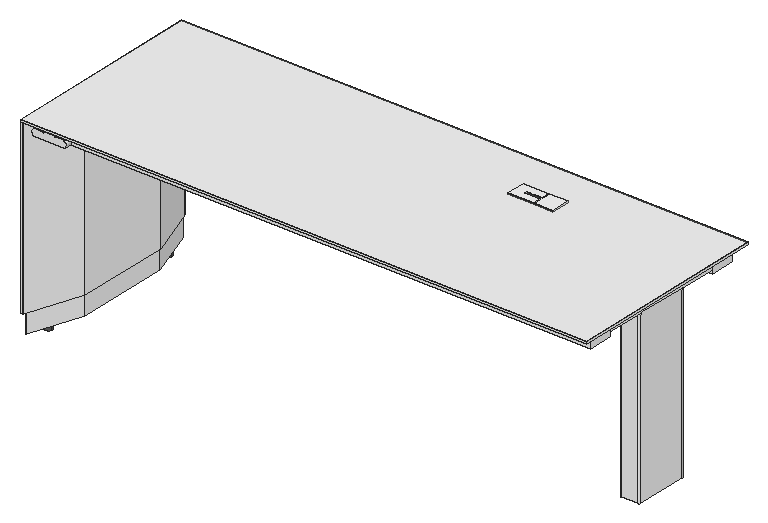
Revit family "Workstations-Multi_Level-Teknion-BGATHB-Run-Off_High_Secondary_Bevel_Base_Glass Top-R2018", category Furniture, Revit 2018
Family settings
  OmniClass Number = 23.40.20.00
  OmniClass Title = General Furniture and Specialties
  Work Plane-Based = No
  Always vertical = Yes
  Cut with Voids When Loaded = No
  Shared = Yes
  Room Calculation Point = No
Parameters (values of type "Standard Range Electric")
  Worksurface Finish [instance] = Back-painted Glass - K7 - Teknion - Very White
  Width [instance] = 84.000"
  Warranty = "http://www.teknion.com/ca/papers/legal-canada"
  Unit Weight URL = "http://www.teknion.com/ca/tools/assets#&asset=bee6a381-b954-425e-8283-5a2de3a804f2,f828d448-4b62-4231-9e5f-9a8991c0ed77"
  URL = "www.teknion.com"
  Sustainability Data = "http://www.teknion.com/ca/tools/assets#&topic=216f99a5-57a0-44fc-b10a-9dee9b29ae4c&asset=444deb64-fe58-4b68-981e-f75e97781df7"
  Series = "Expansion Casegoods"  # constant formula
  Product Page URL = "http://www.teknion.com/ca/products/product-details?productlineid=0053336e-8e7a-673b-a6c8-ff00004460c4"
  Product Line = "Expansion Casegoods"  # constant formula
  Product Documentation Link = "http://www.teknion.com/pricing/expansion-casegoods/pdfs/BGATHB_ppg.pdf"
  Part Number = "BGATHB"  # constant formula
  Model = "BGATHBS_____"
  Manufacturer Phone = "416-661-3370"  # constant formula
  Manufacturer Fax = "416.661.4586"  # constant formula
  Manufacturer Contact Information = "http://www.teknion.com/ca/contactus"
  Manufacturer Address = "1150 Flint Road, Toronto, ON. M3J 2J5. Canada"  # constant formula
  Manufacturer = "Teknion"  # constant formula
  Has Offset Rectangular Grommet [instance] = yes
  Has Centered Rectangular Grommet [instance] = no
  Connection Node Visibility [instance] = yes
  Available Widths [instance] = "60 to 90 inches in 6 inch increments."  # constant formula
  Available Depths [instance] = "30 and 36 inches."  # constant formula
  Grommet Visibility [instance] = or(Has Centered Rectangular Grommet, Has Offset Rectangular Grommet)  # yes
  Grommet Horizontal Offset [instance] = if(Has Centered Rectangular Grommet, Width / 2 - 3.327", Width - 28.827")  # 55.173"
  Grommet Finish [instance] = Mica - Teknion - V - Satin - Very White
  End Gable Finish [instance] = Back-painted Glass - K7 - Teknion - Very White
  Description = "Height-Adjustable Run-Off with Glass Top – High Secondary Desk – Bevel Base, Standard Range Electric - 29\" to 43\""
  Depth [instance] = 30.000"
  Base Width Offset [instance] = if(Depth = 30.000", 14.000", 20.000")  # 14.000"
  Base Finish [instance] = Mica - Teknion - V - Satin - Very White
  Assembly Code = "E2020200"
  Accessory Offset [instance] = 5.665"  # constant formula
Reference planes (in)
  plane 1 "Center Front/Back": x = 10.40555
  plane 2: z = 0
  plane 3 "Center Left/Right": y = -7.56999
  plane 4 "Left": y = 7.43001
  plane 5 "Right": y = -22.56999
  plane 6 "Back": x = 52.40555
  plane 7 "Front": x = -31.59445
  plane 8 "Top": z = 28.74016
  plane 9: z = 29.13386
  plane 10: z = 29.29134
  plane 11: z = 0.60236
  plane 12: z = 3.44882
  plane 13: y = -10.56999
  plane 14: y = -4.56999
  plane 15: x = 29.50755
  plane 16: y = -21.70385
  plane 17: z = 27.94486
  plane 18: y = -20.68023
  plane 19: y = -17.05818
  plane 20: y = 5.54024
  plane 21: y = 1.91819
  plane 22: x = 46.57878
  plane 23: x = 51.48035
  plane 24: z = 27.02362
  plane 25: z = 27.62205
  plane 26: z = 26.74016
  plane 27: x = -31.49445
  plane 28: z = 29.03386
Forms (in)
  Extrusion 1, solid, material "Paint-Teknion-White"
    sketch origin (-182.72571, 43.43001, 28.74016) x (0, 1, 0) y (-1, 0, 0)
      loop
        line (-36, -235.13125) -> (-36, -151.13125) -> (-66, -151.13125) -> (-66, -235.13125) -> (-36, -235.13125)
    from 0 to 0.2937
  Extrusion 2, solid, material "Mica - Teknion - V - Satin - Very White" <- "Grommet Finish", visible <- "Grommet Visibility"
    sketch origin (-178.72571, 1.52133, 29.29134) x (0, 1, 0) y (-1, 0, 0)
      loop
        line (-2.60039, -208.95757) -> (0.24368, -208.95757) -> (0.24368, -206.11034) -> (-2.60039, -206.11034) -> (-2.60039, -208.95757)
    from 0 to -0.15748
  Extrusion 3, solid, material "Mica - Teknion - V - Satin - Very White" <- "Grommet Finish", visible <- "Grommet Visibility"
    sketch origin (-185.82239, 3.64063, 29.29134) x (0, 1, 0) y (-1, 0, 0)
      loop
        line (-1.87562, -213.20703) -> (-1.87562, -209.40094) -> (-4.71969, -209.40094) -> (-4.71969, -213.20703) -> (-3.51033, -213.20703) -> (-3.51033, -210.92842) -> (-3.08498, -210.92842) -> (-3.08498, -213.20703) -> (-1.87562, -213.20703)
    from 0 to -0.15748
  Extrusion 4, solid, material "Mica - Teknion - V - Satin - Very White" <- "Base Finish"
    sketch origin (-183.42649, -19.21289, 0.60236) x (-1, 0, 0) y (0, 1, 0)
      loop
        line (-154.94621, 4.6429) -> (-152.33838, -2.8551)
        arc (-152.33838, -2.8551) -> (-152.27208, -2.88793) -> (-152.22574, -2.83026) r 0.05906
        line (-152.22574, -2.83026) -> (-152.22574, 26.1159)
        arc (-152.22574, 26.1159) -> (-152.2679, 26.17248) -> (-152.33419, 26.14827) r 0.05906
        line (-152.33419, 26.14827) -> (-154.94621, 18.6429) -> (-154.94621, 4.6429)
    from 0 to -2.84646
  Extrusion 5, solid, material "Mica - Teknion - V - Satin - Very White" <- "Base Finish"
    sketch origin (-183.42649, -19.21289, 3.44882) x (-1, 0, 0) y (0, 1, 0)
      loop
        line (-155.02496, 18.6429) -> (-155.02496, 4.6429) -> (-152.25964, -3.32288)
        arc (-152.25964, -3.32288) -> (-152.23784, -3.34782) -> (-152.20606, -3.3571) r 0.05906
        line (-152.20606, -3.3571) -> (-152.147, -3.3571) -> (-152.147, 26.6429) -> (-152.20606, 26.6429)
        arc (-152.20606, 26.6429) -> (-152.23784, 26.63361) -> (-152.25964, 26.60868) r 0.05906
        line (-152.25964, 26.60868) -> (-155.02496, 18.6429)
    from 0 to -25.29134
  Extrusion 6, solid, material "Paint-Teknion-White"
    sketch origin (-182.72571, -19.21289, 3.44882) x (-1, 0, 0) y (0, 1, 0)
      loop
        line (-151.23125, 26.6429) -> (-151.44621, 26.6429) -> (-151.44621, -3.3571) -> (-151.23125, -3.3571) -> (-151.23125, 26.6429)
    from 0 to -25.29134
  Extrusion 7, solid, material "Mica - Teknion - V - Satin - Very White" <- "Base Finish"
    sketch origin (5.89783, -7.56999, 27.02362) x (1, 0, 0) y (0, 1, 0)
      loop
        line (23.60971, -3) -> (23.60971, 3) -> (-34.29937, 3) -> (-34.29937, -3) -> (23.60971, -3)
    from -0.28346 to 1.71654
  Extrusion 8, solid, material "Plastic - Teknion - 52 - Ebony"
    sketch origin (-183.42649, -19.21289, 0.60236) x (-1, 0, 0) y (0, 1, 0)
      loop
        circle (-152.89214, 22.72735) r 0.5
    from 0 to 0.60236
  Extrusion 9, solid, material "Plastic - Teknion - 52 - Ebony"
    sketch origin (-183.42649, 4.0729, 0.60236) x (1, 0, 0) y (0, -1, 0)
      loop
        circle (152.89214, 22.72735) r 0.5
    from 0 to 0.60236
  Extrusion 10, solid, material "Mica - Teknion - V - Satin - Very White"
    sketch origin (0, -7.56999, 0) x (1, 0, 0) y (0, 0, 1)
      loop
        arc (-25.19682, 27.6378) -> (-24.70469, 28.12992) -> (-25.19682, 28.62205) r 0.49213
        line (-25.19682, 28.62205) -> (-26.47634, 28.62205) -> (-26.47634, 28.74016) -> (-28.05115, 28.74016) -> (-28.05115, 28.62205) -> (-29.33067, 28.62205)
        arc (-29.33067, 28.62205) -> (-29.8228, 28.12992) -> (-29.33067, 27.6378) r 0.49213
        line (-29.33067, 27.6378) -> (-25.19682, 27.6378)
    from 14.13386 to 15
  Extrusion 11, solid, material "Mica - Teknion - V - Satin - Very White" <- "Base Finish"
    sketch origin (11.6429, -180, 0.60236) x (0, -1, 0) y (-1, 0, 0)
      loop
        line (-185.54024, 42.1656) -> (-185.54024, -39.83745) -> (-181.91819, -39.83745) -> (-181.91819, 40.90821) -> (-185.54024, 42.1656)
    from -28.1378 to -26.42126
  Extrusion 12, solid, material "Mica - Teknion - V - Satin - Very White" <- "Base Finish"
    sketch origin (11.6429, 164.86001, 0.60236) x (0, -1, 0) y (-1, 0, 0)
      loop
        line (185.54024, 42.1656) -> (181.91819, 40.90821) -> (181.91819, -39.83745) -> (185.54024, -39.83745) -> (185.54024, 42.1656)
    from -26.42126 to -28.1378
  Extrusion 13, solid, material "Mica - Teknion - V - Satin - Very White" <- "Base Finish"
    sketch origin (0, -17.05818, 27.62205) x (-1, 0, 0) y (0, 1, 0)
      loop
        line (-46.57878, 18.97638) -> (-51.48035, 18.97638) -> (-51.48035, 0) -> (-46.57878, 0) -> (-46.57878, 18.97638)
    from 0 to -1.11811
  Extrusion 14, solid, material "Back-painted Glass - K7 - Teknion - Very White" <- "End Gable Finish"
    sketch origin (0, -17.05818, 27.62205) x (-1, 0, 0) y (0, 1, 0)
      loop
        line (31.59445, 24.48819) -> (31.49445, 24.48819) -> (31.49445, -5.51181) -> (31.59445, -5.51181) -> (31.59445, 24.48819)
    from -1.11811 to 24.17323
  Extrusion 15, solid, material "Back-painted Glass - K7 - Teknion - Very White" <- "Worksurface Finish"
    sketch origin (0, -17.05818, 27.62205) x (-1, 0, 0) y (0, 1, 0)
      loop
        line (-52.40555, 24.48819) -> (-52.40555, -5.51181) -> (31.59445, -5.51181) -> (31.59445, 24.48819) -> (-52.40555, 24.48819)
    from -1.51181 to -1.41181
  Sweep 16, solid, material "Mica - Teknion - V - Satin - Very White" <- "Base Finish"
    path origin (45.45455, -46.37301, 0) x (0, -1, 0) y (0, 0, 1)
      loop
        line (-0.5, 2.41339) -> (-0.5, 27.62205)
    profile origin (45.45455, -45.87301, 15.01772) x (0, 1, 0) y (-1, 0, 0)
      loop
        arc (42.07861, -6.07305) -> (42.25538, -5.99982) -> (42.32861, -5.82305) r 0.25
        line (42.32861, -5.82305) -> (42.32861, -3.38998)
        arc (42.32861, -3.38998) -> (42.25538, -3.2132) -> (42.07861, -3.13998) r 0.25
        line (42.07861, -3.13998) -> (34.52743, -3.13998)
        arc (34.52743, -3.13998) -> (34.35065, -3.2132) -> (34.27743, -3.38998) r 0.25
        line (34.27743, -3.38998) -> (34.27743, -5.82305)
        arc (34.27743, -5.82305) -> (34.35065, -5.99982) -> (34.52743, -6.07305) r 0.25
        line (34.52743, -6.07305) -> (42.07861, -6.07305)
  Sweep 17, solid, material "Mica - Teknion - V - Satin - Very White" <- "Base Finish"
    path origin (45.45455, -46.37301, -0.18495) x (0, -1, 0) y (0, 0, 1)
      loop
        line (-0.5, 27.807) -> (-0.5, 27.05503)
    profile origin (45.45455, -45.87301, 27.24606) x (-1, 0, 0) y (0, -1, 0)
      loop
        line (-3.13998, -40.20262) -> (1.22026, -40.20262) -> (1.22026, -36.40341) -> (-3.13998, -36.40341) -> (-3.13998, -40.20262)
Lines and regions (in)
  Masking region 1
    outline origin (-182.72571, -19.21289, 0.60236) x (-1, 0, 0) y (0, -1, 0)
      loop
        line (-235.13125, -26.6429) -> (-151.13125, -26.6429) -> (-151.13125, 3.3571) -> (-235.13125, 3.3571) -> (-235.13125, -26.6429)
  symbolic lines, style "FurnitureHiddenLines", detail levels fine
    curve 1: arc (-30.03435, -18.65445, 0.60236) -> (-30.53435, -18.15445, 0.60236) -> (-31.03435, -18.65445, 0.60236) r 0.5
    curve 2: arc (-31.03435, -18.65445, 0.60236) -> (-30.53435, -19.15445, 0.60236) -> (-30.03435, -18.65445, 0.60236) r 0.5
    curve 3: arc (-31.03435, 3.51446, 0.60236) -> (-30.53435, 3.01446, 0.60236) -> (-30.03435, 3.51446, 0.60236) r 0.5
    curve 4: arc (-30.03435, 3.51446, 0.60236) -> (-30.53435, 4.01446, 0.60236) -> (-31.03435, 3.51446, 0.60236) r 0.5
    curve 25: line (-29.26531, -17.05818, 27.62205) -> (51.48035, -17.05818, 27.62205)
    curve 26: line (51.48035, -20.68023, 27.62205) -> (-30.52271, -20.68023, 27.62205)
    curve 27: line (51.48035, -17.05818, 27.62205) -> (51.48035, -20.68023, 27.62205)
    curve 28: line (51.48035, 1.91819, 27.62205) -> (51.48035, -17.05818, 27.62205)
    curve 29: line (51.48035, 5.54024, 27.62205) -> (51.48035, 1.91819, 27.62205)
    curve 30: line (51.48035, 1.91819, 27.62205) -> (-29.26531, 1.91819, 27.62205)
    curve 31: line (-30.52271, 5.54024, 27.62205) -> (51.48035, 5.54024, 27.62205)
    curve 32: line (46.57878, -17.05818, 27.62205) -> (46.57878, 1.91819, 27.62205)
    curve 48: line (48.59452, -5.67039, 0) -> (48.59452, -9.4696, 0)
  symbolic lines, style "FurnitureHiddenLines", detail levels medium+fine
    curve 5: line (-28.40154, -10.56999, 0.60236) -> (29.50755, -10.56999, 0.60236)
    curve 6: line (29.50755, -10.56999, 0.60236) -> (29.50755, -4.56999, 0.60236)
    curve 7: line (29.50755, -4.56999, 0.60236) -> (-28.40154, -4.56999, 0.60236)
    curve 8: line (-28.40154, -4.56999, 0.60236) -> (-28.40154, -10.56999, 0.60236)
    curve 19: line (-28.40154, -14.56999, 0.60236) -> (-31.17874, -22.56999, 0.60236)
    curve 20: line (-31.17874, -22.56999, 0.60236) -> (-31.27949, -22.56999, 0.60236)
    curve 21: line (-31.27949, 7.43001, 0.60236) -> (-31.27949, -22.56999, 0.60236)
    curve 22: line (-31.17874, 7.43001, 0.60236) -> (-31.27949, 7.43001, 0.60236)
    curve 23: line (-31.17874, 7.43001, 0.60236) -> (-28.40154, -0.56999, 0.60236)
    curve 24: line (-28.40154, -0.56999, 0.60236) -> (-28.40154, -14.56999, 0.60236)
    curve 37: line (48.59452, -3.7944, 0) -> (48.59452, -5.67039, 0)
    curve 38: line (51.52759, -11.34559, 0) -> (51.52759, -3.7944, 0)
    curve 39: line (51.27759, -3.5444, 0) -> (48.84452, -3.5444, 0)
    curve 40: line (48.84452, -11.59559, 0) -> (51.27759, -11.59559, 0)
    curve 41: line (48.59452, -5.67039, 0) -> (44.23429, -5.67039, 0)
    curve 42: line (44.23429, -5.67039, 0) -> (44.23429, -9.4696, 0)
    curve 43: line (44.23429, -9.4696, 0) -> (48.59452, -9.4696, 0)
    curve 44: arc (48.59452, -3.7944, 0) -> (48.66775, -3.61763, 0) -> (48.84452, -3.5444, 0) r 0.25
    curve 45: arc (51.27759, -3.5444, 0) -> (51.45437, -3.61763, 0) -> (51.52759, -3.7944, 0) r 0.25
    curve 46: arc (51.52759, -11.34559, 0) -> (51.45437, -11.52236, 0) -> (51.27759, -11.59559, 0) r 0.25
    curve 47: arc (48.84452, -11.59559, 0) -> (48.66775, -11.52236, 0) -> (48.59452, -11.34559, 0) r 0.25
    curve 49: line (48.59452, -9.4696, 0) -> (48.59452, -11.34559, 0)
  symbolic lines, visible <- "Grommet Visibility"
    curve 9: line (30.23186, 1.76501, 0.60236) -> (30.23186, -1.07906, 0.60236)
    curve 10: line (30.23186, -1.07906, 0.60236) -> (27.38463, -1.07906, 0.60236)
    curve 11: line (27.38463, -1.07906, 0.60236) -> (23.57855, -1.07906, 0.60236)
    curve 12: line (23.57855, -1.07906, 0.60236) -> (23.57855, 1.76501, 0.60236)
    curve 13: line (23.57855, 1.76501, 0.60236) -> (27.38463, 1.76501, 0.60236)
    curve 14: line (27.38463, 1.76501, 0.60236) -> (30.23186, 1.76501, 0.60236)
    curve 15: line (27.38463, -1.07906, 0.60236) -> (27.38463, 1.76501, 0.60236)
    curve 16: line (27.38463, 0.55565, 0.60236) -> (25.10603, 0.55565, 0.60236)
    curve 17: line (25.10603, 0.55565, 0.60236) -> (25.10603, 0.1303, 0.60236)
    curve 18: line (25.10603, 0.1303, 0.60236) -> (27.38463, 0.1303, 0.60236)
  reference lines, not visible
    curve 33: line (-31.59445, 7.43001, 0) -> (-31.59445, -22.56999, 0)
    curve 34: line (52.40555, 7.43001, 0) -> (-31.59445, 7.43001, 0)
    curve 35: line (52.40555, 7.43001, 0) -> (52.40555, -22.56999, 0)
    curve 36: line (52.40555, -22.56999, 0) -> (-31.59445, -22.56999, 0)
Dimensions and locks (in)
  "Depth": plane 4 "Left" to plane 5 "Right"
  "Width": plane 6 "Back" to plane 7 "Front"
  locked: plane 8 "Top" to level at 28.74016
  equal spacing: plane 7 "Front", plane 1 "Center Front/Back", plane 6 "Back"
  locked: plane 9 to plane 8 "Top" at 0.3937
  locked: plane 10 to plane 9 at 0.15748
  locked: Extrusion 2 sketch curve to Extrusion 2 sketch curve at 2.84406
  Extrusion 3 sketch curve to Extrusion 3 sketch curve to Extrusion 3 sketch curve to Extrusion 3 sketch curve = 1.52748" locked, 2.2786" locked, 0.000" locked
  Extrusion 3 sketch curve to Extrusion 3 sketch curve to Extrusion 3 sketch curve to Extrusion 3 sketch curve = 1.20936" locked, 0.42535" locked, 1.20936" locked
  locked: plane 11 to plane 2 at 0.60236
  locked: plane 12 to plane 11 at 2.84646
  locked: Extrusion 5 sketch curve to plane 5 "Right" at 0.05906
  locked: plane 4 "Left" to Extrusion 5 sketch curve at 0.05906
  plane 7 "Front" to Extrusion 5 sketch curve to Extrusion 5 sketch curve = 0.31496" locked, 2.87795" locked
  plane 14 to plane 3 "Center Left/Right" to plane 13 = 3.000" locked, 3.000" locked
  plane 7 "Front" to Extrusion 8 sketch curve = 1.0601"
  locked: plane 4 "Left" to Extrusion 8 sketch curve at 3.91555
  plane 7 "Front" to Extrusion 9 sketch curve = 1.0601"
  locked: Extrusion 9 sketch curve to plane 5 "Right" at 3.91555
  locked: plane 16 to plane 5 "Right" at 0.86614
  Extrusion 10 sketch curve to Extrusion 10 sketch curve to Extrusion 10 sketch curve to Extrusion 10 sketch curve to plane 7 "Front" = 1.27953" locked, 1.5748" locked, 1.27953" locked, 2.26378" locked
  Extrusion 10 sketch curve to Extrusion 10 sketch curve to Extrusion 10 sketch curve to Extrusion 10 sketch curve to Extrusion 10 sketch curve to plane 8 "Top" = 0.49213" locked, 0.000" locked, 0.49213" locked, 0.000" locked, 0.11811" locked
  equal spacing: plane 4 "Left", plane 3 "Center Left/Right", plane 5 "Right"
  equal spacing: Extrusion 5 sketch curve, plane 3 "Center Left/Right", Extrusion 5 sketch curve
  "Base Width Offset": Extrusion 5 sketch curve to Extrusion 5 sketch curve
  locked: Extrusion 4 sketch curve to plane 5 "Right" at 0.52684
  locked: plane 4 "Left" to Extrusion 4 sketch curve at 0.527
  equal spacing: Extrusion 4 sketch curve, plane 3 "Center Left/Right", Extrusion 4 sketch curve
  locked: plane 7 "Front" to Extrusion 4 sketch curve at 0.3937
  locked: plane 7 "Front" to Extrusion 4 sketch curve at 0.45276  (x2)
  locked: plane 7 "Front" to Extrusion 4 sketch curve at 3.11417
  "Accessory Offset": plane 4 "Left" to Extrusion 2 sketch curve
  "Accessory Offset": plane 4 "Left" to Extrusion 3 sketch curve
  "Base Width Offset": Extrusion 4 sketch curve to Extrusion 4 sketch curve
  "Grommet Horizontal Offset": plane 7 "Front" to Extrusion 3 sketch curve
  locked: Extrusion 2 sketch curve to Extrusion 2 sketch curve at 2.84723
  locked: plane 9 to plane 17 at 1.189
  plane 9 to Extrusion 7 = 2.3937"
  locked: plane 18 to plane 5 "Right" at 1.88976
  locked: plane 19 to plane 18 at 3.62205
  locked: plane 20 to plane 4 "Left" at 1.88976
  locked: plane 21 to plane 20 at 3.62205
  plane 22 to plane 23 to plane 6 "Back" = 4.90157" locked, 0.9252" locked
  locked: plane 9 to plane 24 at 2.11024
  locked: plane 25 to plane 8 "Top" at 1.11811
  locked: plane 26 to plane 8 "Top" at 2
  locked: plane 7 "Front" to plane 27 at 0.1
  locked: plane 9 to plane 28 at 0.1
  "Base Width Offset": curve 24 to curve 24
  locked: plane 15 to plane 6 "Back" at 22.898
  Sweep 16 sketch curve to Sweep 16 sketch curve to Sweep 16 sketch curve to plane 3 "Center Left/Right" to Sweep 16 sketch curve to Sweep 16 sketch curve to Sweep 16 sketch curve = 0.250" locked, 0.000" locked, 3.77559" locked, 3.77559" locked, 0.000" locked, 0.250" locked
  plane 6 "Back" to Sweep 16 sketch curve to Sweep 16 sketch curve to Sweep 16 sketch curve to Sweep 16 sketch curve to Sweep 16 sketch curve to Sweep 16 sketch curve = 0.87795" locked, 0.250" locked, 0.000" locked, 2.43307" locked, 0.000" locked, 0.250" locked
  plane 6 "Back" to Sweep 17 sketch curve to Sweep 17 sketch curve = 3.81102" locked, 4.36024" locked
  Sweep 17 sketch curve to plane 3 "Center Left/Right" to Sweep 17 sketch curve = 1.89961" locked, 1.89961" locked
  locked: Sweep 16 sketch curve to level at 2.41339
  locked: Sweep 17 sketch curve to plane 25 at 0.75197
  aligned and locked: level to plane 2
  aligned and locked: Extrusion 1 sketch curve to plane 4 "Left"
  aligned and locked: Extrusion 1 sketch curve to plane 6 "Back"
  aligned and locked: Extrusion 1 sketch curve to plane 5 "Right"
  aligned and locked: Extrusion 1 sketch curve to plane 7 "Front"
  aligned and locked: Extrusion 1 to plane 8 "Top"
  aligned and locked: plane 10 to Extrusion 3
  aligned and locked: plane 10 to Extrusion 2
  aligned and locked: Extrusion 4 to plane 11
  aligned and locked: Extrusion 4 to plane 12
  aligned and locked: plane 4 "Left" to Extrusion 5 sketch curve
  aligned and locked: Extrusion 5 sketch curve to plane 5 "Right"
  aligned and locked: plane 12 to Extrusion 5
  aligned and locked: plane 4 "Left" to Extrusion 6 sketch curve
  aligned and locked: plane 5 "Right" to Extrusion 6 sketch curve
  aligned and locked: plane 12 to Extrusion 6
  aligned and locked: Extrusion 7 sketch curve to plane 13
  aligned and locked: Extrusion 7 sketch curve to plane 15
  aligned and locked: Extrusion 7 sketch curve to plane 14
  aligned and locked: plane 11 to Extrusion 8
  aligned and locked: Extrusion 8 to plane 2
  aligned and locked: Extrusion 9 to level
  aligned and locked: plane 11 to Extrusion 9
  aligned and locked: plane 16 to Extrusion 10
  aligned and locked: Extrusion 10 to plane 5 "Right"
  aligned and locked: Masking region 1 sketch curve to plane 4 "Left"
  aligned and locked: Masking region 1 sketch curve to plane 5 "Right"
  aligned and locked: Masking region 1 sketch curve to plane 7 "Front"
  aligned and locked: Masking region 1 sketch curve to plane 6 "Back"
  aligned and locked: curve 20 to plane 5 "Right"
  aligned and locked: curve 21 to Extrusion 6
  aligned and locked: curve 22 to plane 4 "Left"
  aligned and locked: curve 4 to Extrusion 8
  aligned and locked: curve 2 to Extrusion 9
  aligned and locked: curve 6 to plane 15
  aligned and locked: curve 9 to Extrusion 2
  aligned and locked: curve 15 to Extrusion 2
  aligned and locked: curve 14 to Extrusion 2
  aligned and locked: curve 10 to Extrusion 2
  aligned and locked: Extrusion 7 to Extrusion 5
  aligned and locked: Extrusion 11 sketch curve to plane 20
  aligned and locked: plane 23 to Extrusion 11 sketch curve
  aligned and locked: Extrusion 11 sketch curve to plane 21
  aligned and locked: Extrusion 12 sketch curve to plane 18
  aligned and locked: Extrusion 12 sketch curve to plane 19
  aligned and locked: plane 23 to Extrusion 12 sketch curve
  aligned and locked: plane 8 "Top" to Extrusion 6
  aligned and locked: plane 8 "Top" to Extrusion 5
  aligned and locked: Extrusion 7 to plane 8 "Top"
  aligned and locked: Extrusion 12 to plane 8 "Top"
  aligned and locked: Extrusion 12 to plane 24
  aligned and locked: Extrusion 11 to plane 8 "Top"
  aligned and locked: Extrusion 11 to plane 24
  aligned and locked: plane 9 to Extrusion 3
  aligned and locked: plane 9 to Extrusion 2
  aligned and locked: plane 22 to Extrusion 13 sketch curve
  aligned and locked: plane 19 to Extrusion 13 sketch curve
  aligned and locked: plane 23 to Extrusion 13 sketch curve
  aligned and locked: Extrusion 13 sketch curve to plane 21
  aligned and locked: Extrusion 13 to plane 25
  aligned and locked: plane 8 "Top" to Extrusion 13
  aligned and locked: plane 26 to Extrusion 7
  aligned and locked: Extrusion 6 sketch curve to plane 27
  aligned and locked: Extrusion 14 sketch curve to plane 7 "Front"
  aligned and locked: Extrusion 14 sketch curve to plane 27
  aligned and locked: plane 4 "Left" to Extrusion 14 sketch curve
  aligned and locked: plane 5 "Right" to Extrusion 14 sketch curve
  aligned and locked: Extrusion 14 to plane 12
  aligned and locked: plane 8 "Top" to Extrusion 14
  aligned and locked: Extrusion 1 to plane 28
  aligned and locked: Extrusion 15 sketch curve to plane 6 "Back"
  aligned and locked: Extrusion 15 sketch curve to plane 4 "Left"
  aligned and locked: Extrusion 15 sketch curve to plane 7 "Front"
  aligned and locked: Extrusion 15 sketch curve to plane 5 "Right"
  aligned and locked: Extrusion 15 to plane 9
  aligned and locked: Extrusion 15 to plane 28
  aligned and locked: curve 23 to Extrusion 5
  aligned and locked: curve 19 to Extrusion 5
  aligned and locked: curve 24 to Extrusion 5
  aligned and locked: plane 8 "Top" to Extrusion 10
  aligned and locked: curve 13 to Extrusion 3
  aligned and locked: curve 16 to Extrusion 3
  aligned and locked: curve 18 to Extrusion 3
  aligned and locked: curve 25 to Extrusion 12
  aligned and locked: curve 26 to Extrusion 12
  aligned and locked: curve 27 to Extrusion 12
  aligned and locked: curve 28 to Extrusion 13
  aligned and locked: curve 29 to Extrusion 11
  aligned and locked: curve 30 to Extrusion 11
  aligned and locked: curve 31 to Extrusion 11
  aligned and locked: curve 32 to Extrusion 13
  aligned and locked: curve 12 to Extrusion 3
  aligned and locked: curve 11 to Extrusion 3
  aligned and locked: curve 17 to Extrusion 3
  aligned and locked: Extrusion 2 to Extrusion 3
  aligned and locked: curve 33 to plane 7 "Front"
  aligned and locked: curve 34 to plane 4 "Left"
  aligned and locked: curve 35 to plane 6 "Back"
  aligned and locked: curve 36 to plane 5 "Right"
  aligned and locked: curve 41 to Sweep 17
  aligned and locked: curve 43 to Sweep 17
  aligned and locked: plane 25 to Sweep 16 sketch curve
  aligned and locked: plane 25 to Sweep 17 sketch curve
  aligned and locked: nested 1 to plane 3 "Center Left/Right"
  aligned and locked: plane 6 "Back" to nested 1
Automatic sketch dimensions
  plane 5 "Right" to Extrusion 4 sketch curve = 0.50201"
  plane 4 "Left" to Extrusion 4 sketch curve = 0.49462"
  plane 4 "Left" to Extrusion 5 sketch curve = 0.03422"
  Extrusion 5 sketch curve to Extrusion 5 sketch curve = 0.11263"  (x2)
  plane 5 "Right" to Extrusion 5 sketch curve = 0.03422"
  Extrusion 7 sketch curve to plane 7 "Front" = 3.19291"
  plane 8 "Top" to Extrusion 10 sketch curve = 0.000"
  plane 15 to Extrusion 2 sketch curve = 0.72432"
  Extrusion 6 sketch curve to Extrusion 6 sketch curve = 0.21496"
  Extrusion 11 sketch curve to plane 27 = 2.22914"
  Extrusion 11 sketch curve to plane 27 = 0.97175"
  Extrusion 12 sketch curve to plane 27 = 2.22914"
  Extrusion 12 sketch curve to plane 27 = 0.97175"
  plane 14 to curve 6 = 0.000"
  plane 13 to curve 6 = 0.000"
  curve 8 to plane 27 = 3.09291"
  curve 25 to plane 27 = 2.22914"
  curve 26 to plane 27 = 0.97175"
  curve 30 to plane 27 = 2.22914"
  curve 31 to plane 27 = 0.97175"
  curve 43 to plane 22 = 2.34449"
  plane 22 to curve 48 = 2.01575"
  curve 37 to curve 44 = 0.250"
  curve 47 to curve 40 = 0.250"
  curve 40 to plane 23 = 0.20276"
  curve 45 to plane 23 = 0.20276"
  plane 23 to curve 38 = 0.04724"
  plane 13 to curve 49 = 0.77559"
  plane 14 to curve 38 = 0.77559"
  Sweep 16 sketch curve to plane 5 "Right" = 23.30302"
  Sweep 17 sketch curve to plane 5 "Right" = 23.30302"
  radius of Extrusion 8 sketch curve = 0.500"
  radius of Extrusion 9 sketch curve = 0.500"
Nested families (in)
  nested 1: "Teknion_2D_Node_Family-R2016" at (52.40555, -7.56999, 0.60236) x (1, 0, 0) z (0, 0, -1), visible <- "Connection Node Visibility", type "Teknion_2D_Node_Family-R2016"
Definition of nested family "Teknion_2D_Node_Family-R2016"
  Reference planes (in)
    plane 1 "Center (Front/Back)": y = 0
    plane 2: z = 0
    plane 3 "Center (Left/Right)": x = 0
  Lines and regions (in)
    detail lines, in view "Ref. Level"
      curve 1: circle (0, 0, 0) r 1.25 normal (0, 0, 1)
      curve 2: line (1.91508, -1.91508, 0) -> (-1.91508, 1.91508, 0)
      curve 3: line (-1.91508, -1.91508, 0) -> (1.91508, 1.91508, 0)
